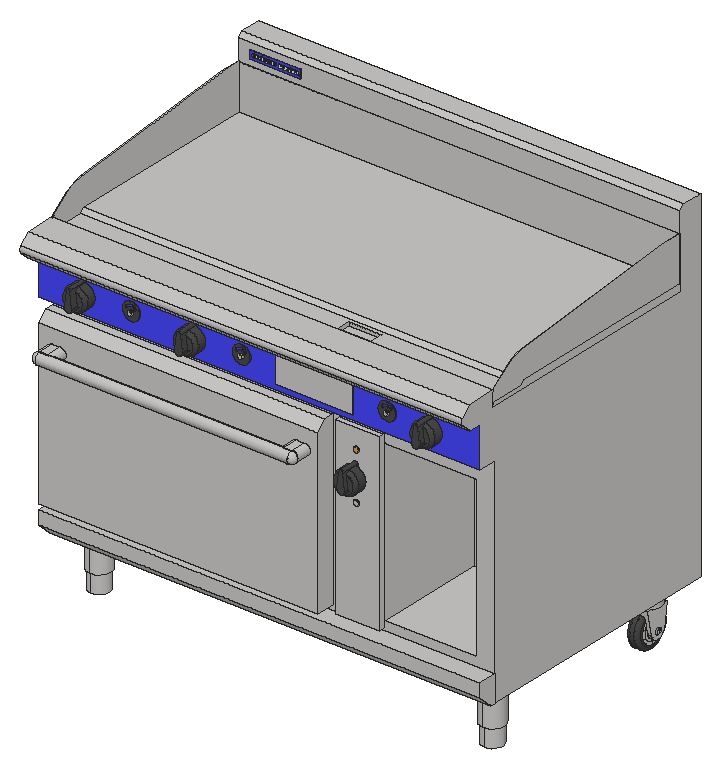
Revit family "QF_MOFFAT_BLUESEAL_AU_GPE58", category Specialty Equipment, Revit 2012 (continued)
Definition of nested family "ELECTRIC GRIDDLE PLATE"
  Automatic sketch dimensions
    Extrusion 2 sketch curve to Extrusion 2 sketch curve = 57.358 mm
    plane 1 "BACK" to Extrusion 2 sketch curve = 57.045 mm
    Extrusion 2 sketch curve to plane 1 "BACK" = 0.003 mm
    level to Extrusion 2 sketch curve = 0.5 mm
    Extrusion 2 sketch curve to Extrusion 2 sketch curve = 41.5 mm
    Extrusion 2 sketch curve to plane 6 "TOP" = 63.601 mm
    curve 10 to plane 4 "RIGHT" = 0 mm
Definition of nested family "WALDORF LOGO_FACE BASE"
  Parameters (values of type "WALDORF LOGO_FACE BASE")
    Show Logo [instance] = yes
    Default Elevation = 1219.2 mm
  Reference planes
    plane 1 "Center (Front/Back)": y = 0
    plane 2: z = 0
    plane 3 "Center (Left/Right)": x = 0
  Forms (mm)
    Extrusion 1, solid
      sketch origin (0, 0, 0) x (1, 0, 0) y (0, 1, 0)
        loop
          line (-1219.2, 1219.2) -> (-1219.2, -1219.2) -> (1219.2, -1219.2) -> (1219.2, 1219.2) -> (-1219.2, 1219.2)
      from 0 to -304.8
    Extrusion 2, solid, material "QF_Finishes_Blue", visible <- "Show Logo"
      sketch origin (0, -33.217, 0) x (1, 0, 0) y (0, 1, 0)
        loop
          arc (138, 31.942) -> (137.626, 32.844) -> (136.724, 33.217) r 1.276
          line (136.724, 33.217) -> (1.29, 33.217)
          arc (1.29, 33.217) -> (0.378, 32.839) -> (0, 31.927) r 1.29
          line (0, 31.927) -> (0, 11.507)
          arc (0, 11.507) -> (0.378, 10.595) -> (1.29, 10.217) r 1.29
          line (1.29, 10.217) -> (136.71, 10.217)
          arc (136.71, 10.217) -> (137.622, 10.595) -> (138, 11.507) r 1.29
          line (138, 11.507) -> (138, 31.942)
      from 0 to 1.588
    Extrusion 3, solid, material "QF_Finishes_White", visible <- "Show Logo"
      sketch origin (0, -33.217, 1.588) x (1, 0, 0) y (0, 1, 0)
        loop
          arc (108.946, 25.919) -> (107.613, 25.367) -> (107.061, 24.034) r 1.885
          line (107.061, 24.034) -> (107.061, 17.211) -> (112.704, 17.211) -> (112.704, 19.129) -> (115.546, 19.129) -> (115.546, 17.211) -> (121.584, 17.211) -> (121.584, 24.075)
          arc (121.584, 24.075) -> (121.043, 25.379) -> (119.739, 25.919) r 1.845
          line (119.739, 25.919) -> (108.946, 25.919)
        loop
          line (123.478, 25.919) -> (123.478, 17.163) -> (134.904, 17.163) -> (134.904, 19.129) -> (129.246, 19.129) -> (129.246, 25.919) -> (123.478, 25.919)
        loop
          line (112.704, 21.258) -> (115.546, 21.258) -> (115.546, 22.702)
          arc (115.546, 22.702) -> (115.344, 23.188) -> (114.858, 23.389) r 0.687
          line (114.858, 23.389) -> (113.363, 23.389)
          arc (113.363, 23.389) -> (112.897, 23.196) -> (112.704, 22.73) r 0.658
          line (112.704, 22.73) -> (112.704, 21.258)
        loop
          line (105.071, 25.919) -> (93.771, 25.919) -> (93.771, 17.163) -> (105.071, 17.163) -> (105.071, 19.063) -> (99.535, 19.063) -> (99.535, 20.437) -> (105.071, 20.437) -> (105.071, 22.278) -> (99.535, 22.278) -> (99.535, 23.587) -> (105.071, 23.587) -> (105.071, 25.919)
        loop
          line (91.104, 25.919) -> (79.541, 25.919)
          arc (79.541, 25.919) -> (78.558, 25.513) -> (78.152, 24.53) r 1.389
          line (78.152, 24.53) -> (78.152, 22.08)
          arc (78.152, 22.08) -> (78.558, 21.098) -> (79.541, 20.691) r 1.389
          line (79.541, 20.691) -> (86.346, 20.691) -> (86.346, 18.864) -> (83.266, 18.864) -> (83.266, 19.664) -> (78.152, 19.664) -> (78.152, 18.553)
          arc (78.152, 18.553) -> (78.558, 17.57) -> (79.541, 17.163) r 1.389
          line (79.541, 17.163) -> (91.063, 17.163)
          arc (91.063, 17.163) -> (92.045, 17.57) -> (92.452, 18.553) r 1.389
          line (92.452, 18.553) -> (92.452, 20.691)
          arc (92.452, 20.691) -> (92.045, 21.673) -> (91.063, 22.08) r 1.389
          line (91.063, 22.08) -> (83.266, 22.08) -> (83.266, 23.984) -> (86.346, 23.984) -> (86.346, 22.743) -> (92.452, 22.743) -> (92.452, 24.571)
          arc (92.452, 24.571) -> (92.057, 25.524) -> (91.104, 25.919) r 1.348
        loop
          line (70.705, 25.919) -> (59.405, 25.919) -> (59.405, 17.163) -> (70.705, 17.163) -> (70.705, 19.063) -> (65.169, 19.063) -> (65.169, 20.437) -> (70.705, 20.437) -> (70.705, 22.278) -> (65.169, 22.278) -> (65.169, 23.587) -> (70.705, 23.587) -> (70.705, 25.919)
        loop
          line (57.598, 25.919) -> (51.7, 25.919) -> (51.7, 20.18)
          arc (51.7, 20.18) -> (50.63, 19.11) -> (49.56, 20.18) r 1.07
          line (49.56, 20.18) -> (49.56, 25.919) -> (43.663, 25.919) -> (43.663, 19.049)
          arc (43.663, 19.049) -> (44.215, 17.716) -> (45.548, 17.163) r 1.885
          line (45.548, 17.163) -> (55.71, 17.163)
          arc (55.71, 17.163) -> (57.045, 17.716) -> (57.598, 19.051) r 1.887
          line (57.598, 19.051) -> (57.598, 25.919)
        loop
          line (31.62, 25.919) -> (31.62, 17.163) -> (43.046, 17.163) -> (43.046, 19.129) -> (37.388, 19.129) -> (37.388, 25.919) -> (31.62, 25.919)
        loop
          line (15.969, 25.919) -> (15.969, 17.163) -> (28.693, 17.163)
          arc (28.693, 17.163) -> (29.812, 17.627) -> (30.276, 18.746) r 1.582
          line (30.276, 18.746) -> (30.276, 20.447) -> (29.48, 21.243) -> (30.276, 22.039) -> (30.276, 24.332)
          arc (30.276, 24.332) -> (29.811, 25.454) -> (28.688, 25.919) r 1.587
          line (28.688, 25.919) -> (15.969, 25.919)
        loop
          line (21.449, 24.159) -> (21.449, 22.436) -> (23.862, 22.436)
          arc (23.862, 22.436) -> (24.723, 23.298) -> (23.862, 24.159) r 0.861
          line (23.862, 24.159) -> (21.449, 24.159)
        loop
          line (21.449, 20.244) -> (21.449, 18.522) -> (23.862, 18.522)
          arc (23.862, 18.522) -> (24.723, 19.383) -> (23.862, 20.244) r 0.861
          line (23.862, 20.244) -> (21.449, 20.244)
      from 0 to 0.2
    Extrusion 4, solid, material "QF_Finishes_Blue", visible <- "Show Logo"
      sketch origin (-126.498, -31.09, 1.588) x (1, 0, 0) y (0, 1, 0)
        loop
          line (136.738, 23.522) -> (136.738, 15.1)
          arc (136.738, 15.1) -> (140.756, 19.311) -> (136.738, 23.522) r 4.216
      from 0 to 0.2
    Extrusion 5, solid, material "QF_Finishes_Red", visible <- "Show Logo"
      sketch origin (146.849, -31.09, 1.588) x (-1, 0, 0) y (0, -1, 0)
        loop
          arc (136.738, -23.522) -> (140.756, -19.311) -> (136.738, -15.1) r 4.216
          line (136.738, -15.1) -> (136.738, -23.522)
      from 0 to 0.2
  Lines and regions (mm)
    Split face 1
      outline origin (-90.35, -30.793, 1.588) x (1, 0, 0) y (0, 1, 0)
        loop
          circle (100.54, 19.013) r 4.536
  Dimensions and locks
    aligned and locked: plane 2 to Extrusion 1
    aligned and locked: level to Extrusion 1
